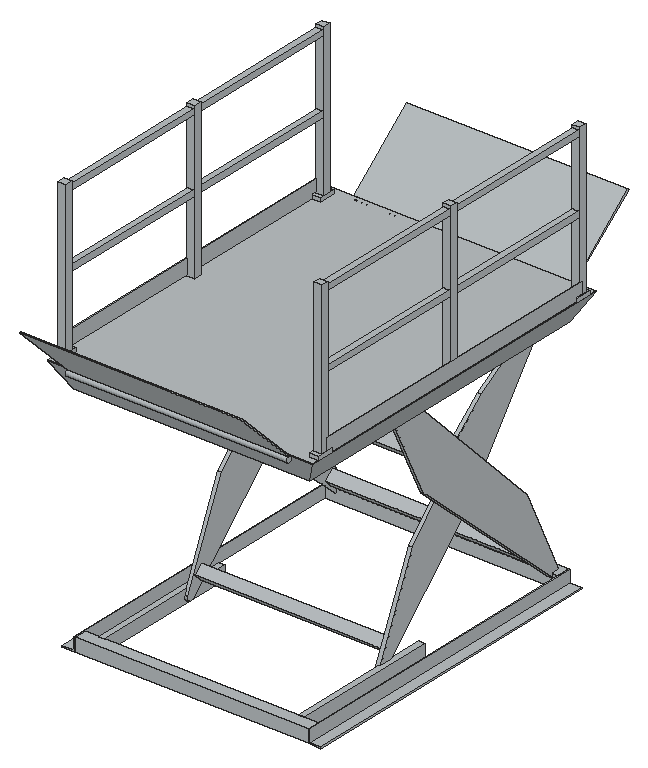
Revit family "DockEquipment_Lift_Pentalift_HED-HighCapacity", category Specialty Equipment, Revit 2026
Family settings
  Round Connector Dimension = Use Diameter
  Part Type = Normal
  Work Plane-Based = Yes
  Enable Cutting in Views = No
  Always vertical = No
  Cut with Voids When Loaded = No
  Maintain Annotation Orientation = No
  Shared = No
  Room Calculation Point = No
Parameters
  offset [instance] = 0' - 0"
  Warranty Duration (Years) = 0
  Unit Width = 6' - 0"
  Unit Length = 8' - 0"
  Unit Height = 3' - 6"
  URL = "http://www.pentalift.com/index.php"
  Support Angle [instance] = asin((Platform Height - 0' 6 3/4") / 7' 0 97/128")  # 49.2919°
  Specification = ""
  SpecWizard = ""
  Send Message = "http://www.arcat.com/users.pl?action=UserEmail&company=Pentalift Equipment Corp.&coid=34752&rep=119&fax=519-763-2894&mf="
  Sales Information = "http://www.pentalift.com/about-us.htm"
  Revision = "R1_01-2012"
  Product Properties = ""
  Product Data = "http://www.arcat.com/arcatcos/cos34/arc34752.html"
  Platform Height [instance] = 5' - 11"
  Model = "As Specified"
  Material [instance] = Metal - Steel - Pentalift - Painted - Gray
  Manufacturer Website = "http://www.pentalift.com/index.php"
  Manufacturer Phone - Toll Free = ""
  Manufacturer Phone = "519-763-3625 "
  Manufacturer Fax = "519-763-2894"
  Manufacturer Address = "21 Nicholas Beaver Rd. Guelph, ON, Canada N1H 6H9 "
  Manufacturer = "Pentalift Equipment Corp."
  Maintenance Schedule (Months) = 0
  Lip Length [instance] = 2' - 0"
  Lip Angle - Back [instance] = 39.00°
  Lip Angle - Front [instance] = 45.00°
  Keynote = "11160"
  Installation-Fabrication = ""
  Installation Phase = ""
  Green Building-LEED = ""
  Expected Lifespan (Years) = 0
  Drawn By = "Sumex Design, Inc. / Robert S. Weygant, CSI, CDT, SCIP"
  Description = "Pentalift Dock Equipment as Specified"
  Default Elevation = 4' - 0"
  Copyright = "©Arcat Inc."
  Construction Details = "http://www.arcat.com/details/pentalif/pentalif.html?coid=34752"
  Capacity (Weight) = 0.00 kip
  Assembly Code = "E1030300"
Reference planes (in)
  plane 1 "Center (Front/Back)": y = 0
  plane 2 "Bottom": z = 0
  plane 3 "Center (Left/Right)": x = 0
  plane 4 "Front": y = -48
  plane 5 "Back": y = 48
  plane 6 "Left": x = -36
  plane 7 "Right": x = 36
  plane 8 "Top": z = 71
  plane 9: x = -35.25
  plane 10: x = 35.25
  plane 11: y = 44.25
  plane 12: y = -44.25
  plane 13: z = 1.75
  plane 14: y = 42.5
  plane 15: z = 66
Forms (in)
  Extrusion 1, solid, material "Metal - Steel - Pentalift - Painted - Gray" <- "Material"
    sketch origin (-38.56132, 44.25, 48) x (-1, 0, 0) y (0, 0, 1)
      loop
        line (-3.31132, -48) -> (-3.31132, -47.75) -> (-6.56132, -47.75) -> (-6.56132, -44.5) -> (-6.81132, -44.5) -> (-6.81132, -48) -> (-3.31132, -48)
      loop
        line (-73.81132, -48) -> (-70.31132, -48) -> (-70.31132, -44.5) -> (-70.56132, -44.5) -> (-70.56132, -47.75) -> (-73.81132, -47.75) -> (-73.81132, -48)
    from 0 to -88.5
  Extrusion 2, solid, material "Metal - Steel - Pentalift - Painted - Gray" <- "Material"
    sketch origin (-35.25, 55.3623, 48) x (0, 1, 0) y (0, 0, 1)
      loop
        line (-11.1123, -44.5) -> (-14.6123, -44.5) -> (-14.6123, -48) -> (-11.1123, -48) -> (-11.1123, -44.5)
      loop
        line (-99.6123, -44.5) -> (-99.6123, -48) -> (-96.1123, -48) -> (-96.1123, -44.5) -> (-99.6123, -44.5)
    from 3.5 to 67
  Extrusion 3, solid, material "Metal - Steel - Pentalift - Painted - Gray" <- "Material"
    sketch origin (0, 42.5, 1.75) x (0, -0.652205, 0.758042) y (0, -0.758042, -0.652205)
      loop
        line (25.14307, -8.11234) -> (85.04541, -4.31323)
        arc (85.04541, -4.31323) -> (87.58399, -1.61618) -> (85.25721, 1.26559) r 2.81759
        line (85.25721, 1.26559) -> (59.46891, 8.10539) -> (8.77413, 1.87161) -> (-0.26522, 0.76007)
        arc (-0.26522, 0.76007) -> (-1.08838, -0.09154) -> (-0.4278, -1.07463) r 0.94178
        line (-0.4278, -1.07463) -> (25.14307, -8.11234)
    from -29.75 to -28.75
  Extrusion 4, solid, material "Metal - Steel - Pentalift - Painted - Gray" <- "Material"
    sketch origin (0, 42.5, 66) x (0, -0.652205, -0.758042) y (0, 0.758042, -0.652205)
      loop
        line (46.38268, 4.47165) -> (-0.07315, 0.97061)
        arc (-0.07315, 0.97061) -> (-0.96612, 0.11853) -> (-0.3056, -0.92414) r 0.97336
        line (-0.3056, -0.92414) -> (22.72851, -8.54118) -> (34.12784, -10.40645) -> (41.12417, -10.85017) -> (43.37423, -8.31484)
        arc (43.37423, -8.31484) -> (43.92473, -7.9236) -> (44.59107, -7.81352) r 1.5
        line (44.59107, -7.81352) -> (58.44141, -8.69193) -> (85.03566, -0.96024)
        arc (85.03566, -0.96024) -> (85.75185, 0.09626) -> (84.84649, 0.99594) r 1
        line (84.84649, 0.99594) -> (76.05203, 1.79064) -> (46.38268, 4.47165)
    from -26.375 to -25.375
  Extrusion 5, solid, material "Metal - Steel - Pentalift - Painted - Gray" <- "Material"
    sketch origin (0, 42.5, 66) x (0, -0.652205, -0.758042) y (0, 0.758042, -0.652205)
      loop
        line (46.38268, 4.47165) -> (-0.07315, 0.97061)
        arc (-0.07315, 0.97061) -> (-0.96612, 0.11853) -> (-0.3056, -0.92414) r 0.97336
        line (-0.3056, -0.92414) -> (22.72851, -8.54118) -> (34.12784, -10.40645) -> (41.12417, -10.85017) -> (43.37423, -8.31484)
        arc (43.37423, -8.31484) -> (43.92473, -7.9236) -> (44.59107, -7.81352) r 1.5
        line (44.59107, -7.81352) -> (58.44141, -8.69193) -> (85.03566, -0.96024)
        arc (85.03566, -0.96024) -> (85.75185, 0.09626) -> (84.84649, 0.99594) r 1
        line (84.84649, 0.99594) -> (46.38268, 4.47165)
    from 25.375 to 26.375
  Extrusion 6, solid, material "Metal - Steel - Pentalift - Painted - Gray" <- "Material"
    sketch origin (0, 42.5, 1.75) x (0, -0.652205, 0.758042) y (0, -0.758042, -0.652205)
      loop
        line (25.14307, -8.11234) -> (85.04541, -4.31323)
        arc (85.04541, -4.31323) -> (87.58399, -1.61618) -> (85.25721, 1.26559) r 2.81759
        line (85.25721, 1.26559) -> (59.50724, 8.09522) -> (59.25731, 8.07937) -> (-0.26522, 0.76007)
        arc (-0.26522, 0.76007) -> (-1.08838, -0.09154) -> (-0.4278, -1.07463) r 0.94178
        line (-0.4278, -1.07463) -> (25.14307, -8.11234)
    from 28.75 to 29.75
  Extrusion 7, solid, material "Metal - Steel - Pentalift - Painted - Gray" <- "Material"
    sketch origin (0, 43.25, 66) x (0, -0.652205, -0.758042) y (0, 0.758042, -0.652205)
      loop
        line (35.05363, -3.41125) -> (34.80046, -7.40323) -> (40.78842, -7.78299) -> (41.0416, -3.79101) -> (35.05363, -3.41125)
    from -25.375 to 25.375
  Extrusion 8, solid, material "Metal - Steel - Pentalift - Painted - Gray" <- "Material"
    sketch origin (0, 45, 1.75) x (0, -0.652205, 0.758042) y (0, -0.758042, -0.652205)
      loop
        line (6.20304, 2.64511) -> (6.20304, -0.34648) -> (9.20304, -0.34648) -> (9.20304, 2.64511) -> (6.20304, 2.64511)
    from -28.75 to 28.75
  Extrusion 9, solid, material "Metal - Steel - Pentalift - Painted - Gray" <- "Material"
    sketch origin (0, 43.25, 66) x (0, -0.652205, -0.758042) y (0, 0.758042, -0.652205)
      loop
        line (78.06189, 0.54754) -> (77.87201, -2.44644) -> (80.86599, -2.63633) -> (81.05587, 0.35766) -> (78.06189, 0.54754)
    from -25.375 to 25.375
  Extrusion 10, solid, material "Metal - Steel - Pentalift - Painted - Gray" <- "Material"
    sketch origin (-38.56132, -44.25, 48) x (-1, 0, 0) y (0, 0, 1)
      loop
        line (-12.18632, -44.5) -> (-12.18632, -48) -> (-10.68632, -48) -> (-10.68632, -44.5) -> (-12.18632, -44.5)
      loop
        line (-64.93632, -44.5) -> (-66.43632, -44.5) -> (-66.43632, -48) -> (-64.93632, -48) -> (-64.93632, -44.5)
    from 3.5 to 44.25
Lines and regions (in)
  reference lines
    curve 1: line (0, 42.5, 66) -> (0, -17.5029, -3.73988)
    curve 2: line (0, 42.5, 1.75) -> (0, -24.02496, 79.07031)
Dimensions and locks (in)
  equal spacing: plane 6 "Left", plane 3 "Center (Left/Right)", plane 7 "Right"
  "Unit Width": plane 6 "Left" to plane 7 "Right"
  equal spacing: plane 5 "Back", plane 1 "Center (Front/Back)", plane 4 "Front"
  "Unit Length": plane 5 "Back" to plane 4 "Front"
  "Platform Height": plane 8 "Top" to level
  locked: plane 10 to plane 7 "Right" at 0.75
  locked: plane 6 "Left" to plane 9 at 0.75
  locked: plane 12 to plane 4 "Front" at 3.75
  locked: plane 5 "Back" to plane 11 at 3.75
  locked: Extrusion 2 to plane 10 at 3.5
  locked: plane 13 to level at 1.75
  locked: plane 11 to plane 14 at 1.75
  locked: plane 8 "Top" to plane 15 at 5
  Extrusion 4 to Extrusion 4 to Extrusion 3 to Extrusion 3 to plane 9 = 0' - 1" locked, 0' - 2 3/8" locked, 0' - 1" locked, 0' - 5 1/2" locked
  Extrusion 5 to Extrusion 5 to Extrusion 6 to Extrusion 6 to plane 10 = 0' - 1" locked, 0' - 2 3/8" locked, 0' - 1" locked, 0' - 5 1/2" locked
  locked: plane 10 to Extrusion 7 at 9.875
  locked: plane 9 to Extrusion 7 at 9.875
  locked: plane 9 to Extrusion 8 at 6.5
  locked: plane 10 to Extrusion 8 at 6.5
  locked: plane 10 to Extrusion 9 at 9.875
  locked: plane 9 to Extrusion 9 at 9.875
  "Support Angle": angle curve 1 to plane 15
  "Support Angle": angle plane 13 to curve 2
  aligned and locked: Extrusion 1 to plane 12
  aligned and locked: plane 1 "Center (Front/Back)" to nested 1
  aligned and locked: nested 1 to plane 3 "Center (Left/Right)"
  aligned and locked: Extrusion 10 to plane 1 "Center (Front/Back)"
Automatic sketch dimensions
  Extrusion 1 sketch curve to level = 0' - 0"  (x2)
  Extrusion 1 sketch curve to plane 10 = 0' - 0"
  Extrusion 1 sketch curve to plane 9 = 0' - 0"
  plane 10 to Extrusion 1 sketch curve = 0' - 3 1/4"
  Extrusion 1 sketch curve to Extrusion 1 sketch curve = 0' - 0 1/4"  (x3)
  plane 9 to Extrusion 1 sketch curve = 0' - 3 1/2"
  level to Extrusion 1 sketch curve = 0' - 0 1/4"
  plane 13 to Extrusion 1 sketch curve = 0' - 1 3/4"  (x2)
  Extrusion 2 sketch curve to level = 0' - 0"  (x2)
  Extrusion 2 sketch curve to plane 12 = 0' - 0"
  Extrusion 2 sketch curve to plane 11 = 0' - 0"
  plane 12 to Extrusion 2 sketch curve = 0' - 3 1/2"
  plane 14 to Extrusion 2 sketch curve = 0' - 1 3/4"
  plane 13 to Extrusion 2 sketch curve = 0' - 1 3/4"  (x2)
  curve 2 to Extrusion 3 sketch curve = 0' - 1.50928"
  Extrusion 3 sketch curve to curve 2 = 0' - 0.4278"
  Extrusion 3 sketch curve to curve 2 = 0' - 0.26522"
  Extrusion 3 sketch curve to curve 2 = 0' - 0.15028"
  Extrusion 3 sketch curve to curve 2 = 0' - 1.87161"
  curve 2 to Extrusion 3 sketch curve = 0' - 8.77413"
  curve 2 to Extrusion 3 sketch curve = 0' - 8.11234"
  Extrusion 3 sketch curve to Extrusion 3 sketch curve = 1' - 4.36894"
  Extrusion 3 sketch curve to curve 2 = 0' - 8.10539"
  Extrusion 3 sketch curve to curve 2 = 3' - 6.53109"
  Extrusion 3 sketch curve to Extrusion 3 sketch curve = 2' - 1.29952"
  curve 2 to Extrusion 3 sketch curve = 0' - 4.31323"
  Extrusion 3 sketch curve to Extrusion 3 sketch curve = 0' - 0.27698"
  Extrusion 3 sketch curve to curve 2 = 0' - 1.26559"
  Extrusion 3 sketch curve to curve 2 = 0' - 1.07463"
  Extrusion 3 sketch curve to curve 2 = 0' - 0.17467"
  Extrusion 4 sketch curve to curve 1 = 0' - 0"  (x3)
  Extrusion 4 sketch curve to curve 1 = 0' - 0.07315"
  Extrusion 4 sketch curve to curve 1 = 0' - 0.3056"
  curve 1 to Extrusion 4 sketch curve = 1' - 10.72851"
  curve 1 to Extrusion 4 sketch curve = 0' - 10.40645"
  Extrusion 4 sketch curve to Extrusion 4 sketch curve = 0' - 11.39933"
  Extrusion 4 sketch curve to curve 1 = 0' - 4.47165"
  Extrusion 4 sketch curve to Extrusion 4 sketch curve = 1' - 0.25484"
  curve 1 to Extrusion 4 sketch curve = 0' - 10.85017"
  Extrusion 4 sketch curve to Extrusion 4 sketch curve = 0' - 5.25851"
  Extrusion 4 sketch curve to Extrusion 4 sketch curve = 0' - 2.25007"
  Extrusion 4 sketch curve to Extrusion 4 sketch curve = 0' - 1.1219"
  curve 1 to Extrusion 4 sketch curve = 0' - 7.81352"
  Extrusion 4 sketch curve to Extrusion 4 sketch curve = 0' - 1.21684"
  curve 1 to Extrusion 4 sketch curve = 0' - 8.69193"
  Extrusion 4 sketch curve to Extrusion 4 sketch curve = 1' - 1.85034"
  Extrusion 4 sketch curve to curve 1 = 0' - 1.79064"
  Extrusion 4 sketch curve to Extrusion 4 sketch curve = 1' - 5.61062"
  Extrusion 4 sketch curve to curve 1 = 0' - 7.24351"
  Extrusion 4 sketch curve to curve 1 = 0' - 0.99594"
  Extrusion 4 sketch curve to Extrusion 4 sketch curve = 0' - 0.09"
  Extrusion 4 sketch curve to Extrusion 4 sketch curve = 0' - 0"
  curve 1 to Extrusion 4 sketch curve = 0' - 0.96024"
  Extrusion 4 sketch curve to Extrusion 4 sketch curve = 0' - 1.49699"
  curve 1 to Extrusion 4 sketch curve = 0' - 8.54118"
  Extrusion 4 sketch curve to curve 1 = 0' - 0.92414"
  Extrusion 5 sketch curve to curve 1 = 0' - 0"  (x3)
  Extrusion 5 sketch curve to curve 1 = 0' - 0.07315"
  Extrusion 5 sketch curve to curve 1 = 0' - 0.3056"
  curve 1 to Extrusion 5 sketch curve = 1' - 10.72851"
  curve 1 to Extrusion 5 sketch curve = 0' - 10.40645"
  Extrusion 5 sketch curve to Extrusion 5 sketch curve = 0' - 11.39933"
  curve 1 to Extrusion 5 sketch curve = 0' - 10.85017"
  Extrusion 5 sketch curve to Extrusion 5 sketch curve = 0' - 5.25851"
  Extrusion 5 sketch curve to Extrusion 5 sketch curve = 0' - 2.25007"
  Extrusion 5 sketch curve to Extrusion 5 sketch curve = 0' - 1.1219"
  curve 1 to Extrusion 5 sketch curve = 0' - 7.81352"
  Extrusion 5 sketch curve to Extrusion 5 sketch curve = 0' - 1.21684"
  curve 1 to Extrusion 5 sketch curve = 0' - 8.69193"
  Extrusion 5 sketch curve to Extrusion 5 sketch curve = 1' - 1.85034"
  Extrusion 5 sketch curve to curve 1 = 0' - 7.24351"
  Extrusion 5 sketch curve to curve 1 = 0' - 0.99594"
  Extrusion 5 sketch curve to Extrusion 5 sketch curve = 0' - 0.09"
  curve 1 to Extrusion 5 sketch curve = 0' - 0.96024"
  Extrusion 5 sketch curve to Extrusion 5 sketch curve = 0' - 1.49699"
  curve 1 to Extrusion 5 sketch curve = 0' - 8.54118"
  Extrusion 5 sketch curve to curve 1 = 0' - 0.92414"
  curve 1 to Extrusion 7 sketch curve = 0' - 6.83469"
  curve 1 to Extrusion 7 sketch curve = 2' - 10.3113"
  curve 1 to Extrusion 7 sketch curve = 0' - 2.84271"
  Extrusion 7 sketch curve to Extrusion 7 sketch curve = 0' - 0.25318"
  curve 1 to Extrusion 7 sketch curve = 0' - 7.21446"
  curve 2 to Extrusion 8 sketch curve = 0' - 2.24159"
  curve 2 to Extrusion 8 sketch curve = 0' - 4.57253"
  Extrusion 8 sketch curve to curve 2 = 0' - 0 3/4"
  Extrusion 8 sketch curve to Extrusion 8 sketch curve = 0' - 3"
  curve 1 to Extrusion 9 sketch curve = 0' - 1.87791"
  Extrusion 9 sketch curve to curve 1 = 1' - 2.61715"
  Extrusion 9 sketch curve to curve 1 = 0' - 1.11607"
  Extrusion 9 sketch curve to Extrusion 9 sketch curve = 0' - 0.18988"
  curve 1 to Extrusion 9 sketch curve = 0' - 2.0678"
  Extrusion 10 sketch curve to level = 0' - 0"  (x2)
  plane 13 to Extrusion 10 sketch curve = 0' - 1 3/4"  (x2)
  plane 10 to Extrusion 10 sketch curve = 0' - 7 3/8"
  Extrusion 10 sketch curve to Extrusion 10 sketch curve = 0' - 1 1/2"  (x2)
  plane 9 to Extrusion 10 sketch curve = 0' - 8 7/8"
  curve 2 to plane 13 = 0' - 0"
  curve 2 to plane 14 = 0' - 0"
  curve 1 to plane 14 = 0' - 0"
  curve 1 to plane 15 = 0' - 0"
  Extrusion 6 sketch curve to curve 2 = 0' - 0.4278"
  Extrusion 6 sketch curve to curve 2 = 0' - 0.26522"
  Extrusion 6 sketch curve to curve 2 = 0' - 0.15028"
  curve 2 to Extrusion 6 sketch curve = 0' - 8.11234"
  curve 2 to Extrusion 6 sketch curve = 2' - 1.14307"
  Extrusion 6 sketch curve to curve 2 = 0' - 8.07937"
  Extrusion 6 sketch curve to Extrusion 6 sketch curve = 2' - 10.11424"
  Extrusion 6 sketch curve to curve 2 = 0' - 8.09522"
  Extrusion 6 sketch curve to Extrusion 6 sketch curve = 0' - 0.24994"
  curve 2 to Extrusion 6 sketch curve = 0' - 1.50928"
  Extrusion 6 sketch curve to curve 2 = 1' - 5.23157"
  Extrusion 6 sketch curve to Extrusion 6 sketch curve = 0' - 0.27698"
  Extrusion 6 sketch curve to curve 2 = 0' - 1.26559"
  Extrusion 6 sketch curve to Extrusion 6 sketch curve = 0' - 0.48878"
  Extrusion 6 sketch curve to curve 2 = 0' - 1.07463"
  Extrusion 6 sketch curve to curve 2 = 0' - 0.17467"
  Extrusion 5 sketch curve to Extrusion 5 sketch curve = 0' - 6.99632"
  Extrusion 5 sketch curve to curve 1 = 0' - 4.47165"
Nested families (in)
  nested 1: "Platform_LiftHeavy" at (0, 0, 71), Material <- "Material", Unit Width <- "Unit Width", Unit Length <- "Unit Length", Lip Length <- "Lip Length", Lip Angle - Front <- "Lip Angle - Front", Lip Angle - Back <- "Lip Angle - Back", type "Platform_LiftHeavy"
    with offset 0' - 0", ll 1' - 11 5/16", Unit Width 6' - 0", Unit Length 8' - 0", Unit Height 3' - 6", Material Metal - Steel - Pentalift - Painted - Gray, Lip Length 2' - 0", Lip Angle - Front 45.00°, Lip Angle - Back 39.00°
Definition of nested family "Platform_LiftHeavy"
  Parameters
    offset [instance] = 0' - 0"
    ll [instance] = Lip Length - 0' 0 11/16"  # 2' - 11 5/16"
    Warranty Duration (Years) = 0
    Unit Width [instance] = 6' - 0"
    Unit Length [instance] = 8' - 0"
    Unit Height [instance] = 3' - 6"
    URL = "http://www.pentalift.com/index.php"
    Specification = ""
    SpecWizard = ""
    Send Message = "http://www.arcat.com/users.pl?action=UserEmail&company=Pentalift Equipment Corp.&coid=34752&rep=119&fax=519-763-2894&mf="
    Sales Information = "http://www.pentalift.com/about-us.htm"
    Revision = "R1_01-2012"
    Product Properties = ""
    Product Data = "http://www.arcat.com/arcatcos/cos34/arc34752.html"
    Model = "As Specified"
    Material [instance] = none
    Manufacturer Website = "http://www.pentalift.com/index.php"
    Manufacturer Phone - Toll Free = ""
    Manufacturer Phone = "519-763-3625 "
    Manufacturer Fax = "519-763-2894"
    Manufacturer Address = "21 Nicholas Beaver Rd. Guelph, ON, Canada N1H 6H9 "
    Manufacturer = "Pentalift Equipment Corp."
    Maintenance Schedule (Months) = 0
    Lip Length [instance] = 3' - 0"
    Lip Angle - Back [instance] = 39.00°
    Lip Angle - Front [instance] = 45.00°
    Keynote = "11160"
    Installation-Fabrication = ""
    Installation Phase = ""
    Green Building-LEED = ""
    Expected Lifespan (Years) = 0
    Drawn By = "Sumex Design, Inc. / Robert S. Weygant, CSI, CDT, SCIP"
    Description = "Pentalift Dock Equipment as Specified"
    Default Elevation = 4' - 0"
    Copyright = "©Arcat Inc."
    Construction Details = "http://www.arcat.com/details/pentalif/pentalif.html?coid=34752"
    Assembly Code = "E1030300"
  Reference planes (in)
    plane 1 "Center (Front/Back)": y = 0
    plane 2 "Bottom": z = 0
    plane 3 "Center (Left/Right)": x = 0
    plane 4 "Front": y = -48
    plane 5 "Back": y = 48
    plane 6 "Left": x = -36
    plane 7 "Right": x = 36
    plane 8 "Top": z = 42
    plane 9: z = -7.2186
    plane 10: x = -34.75
    plane 11: x = 34.75
    plane 12: y = -43.75
    plane 13: y = 43.75
    plane 14: y = -48.6875
    plane 15: z = -0.6875
    plane 16: y = 48.6875
  Forms (in)
    Extrusion 1, solid, material <- "Material"
      sketch origin (0, 0, 0) x (1, 0, 0) y (0, 1, 0)
        loop
          line (-36, 48) -> (-36, -48) -> (36, -48) -> (36, 48) -> (-36, 48)
      from 0 to -0.25
    Sweep 2, solid, material <- "Material"
      path origin (0, 0, 0) x (1, 0, 0) y (0, 1, 0)
        loop
          line (-36, 48) -> (-36, -48) -> (36, -48) -> (36, 48) -> (-36, 48)
      profile origin (0, 48, 0) x (0, 1, 0) y (0, 0, 1)
        loop
          line (-3.9483, -7.2186) -> (0, -0.25) -> (-0.28734, -0.25) -> (-4.16581, -7.09536) -> (-3.9483, -7.2186)
    Extrusion 3, solid, material <- "Material"
      sketch origin (-34.75, 55.3623, 48) x (0, 1, 0) y (0, 0, 1)
        loop
          line (-14.1123, -47.75) -> (-14.1123, -46.75) -> (-12.1123, -46.75) -> (-12.1123, -43.75) -> (-98.6123, -43.75) -> (-98.6123, -46.75) -> (-96.6123, -46.75) -> (-96.6123, -47.75) -> (-14.1123, -47.75)
      from -1 to -1.25
    Extrusion 4, solid, material <- "Material"
      sketch origin (0, 0, 0) x (1, 0, 0) y (0, 1, 0)
        loop
          line (-36, 46) -> (-36, 41.5) -> (-33.5, 41.5) -> (-33.5, 46) -> (-36, 46)
        loop
          line (-36, -46) -> (-33.5, -46) -> (-33.5, -41.5) -> (-36, -41.5) -> (-36, -46)
        loop
          line (36, 46) -> (33.5, 46) -> (33.5, 41.5) -> (36, 41.5) -> (36, 46)
        loop
          line (36, -46) -> (36, -41.5) -> (33.5, -41.5) -> (33.5, -46) -> (36, -46)
      from 0 to 1
    Extrusion 5, solid, material <- "Material"
      sketch origin (0, 0, 0) x (1, 0, 0) y (0, 1, 0)
        loop
          line (-35.75, 44.75) -> (-35.75, 42.75) -> (-33.75, 42.75) -> (-33.75, 44.75) -> (-35.75, 44.75)
        loop
          line (35.75, 44.75) -> (33.75, 44.75) -> (33.75, 42.75) -> (35.75, 42.75) -> (35.75, 44.75)
        loop
          line (-35.75, -44.75) -> (-33.75, -44.75) -> (-33.75, -42.75) -> (-35.75, -42.75) -> (-35.75, -44.75)
        loop
          line (35.75, -44.75) -> (35.75, -42.75) -> (33.75, -42.75) -> (33.75, -44.75) -> (35.75, -44.75)
        loop
          line (-35.75, 1) -> (-35.75, -1) -> (-33.75, -1) -> (-33.75, 1) -> (-35.75, 1)
        loop
          line (35.75, 1) -> (33.75, 1) -> (33.75, -1) -> (35.75, -1) -> (35.75, 1)
      from 0 to 42
    Extrusion 6, solid, material <- "Material"
      sketch origin (34.75, -56.16774, 48) x (0, -1, 0) y (0, 0, 1)
        loop
          line (-97.41774, -47.75) -> (-14.91774, -47.75) -> (-14.91774, -46.75) -> (-12.91774, -46.75) -> (-12.91774, -43.75) -> (-99.41774, -43.75) -> (-99.41774, -46.75) -> (-97.41774, -46.75) -> (-97.41774, -47.75)
      from -1 to -1.25
    Extrusion 7, solid, material <- "Material"
      sketch origin (33.75, -43.75, 48) x (-1, 0, 0) y (0, 0, 1)
        loop
          line (69.3125, -6.75) -> (67.6875, -6.75) -> (67.6875, -8.375) -> (69.3125, -8.375) -> (69.3125, -6.75)
        loop
          line (69.3125, -26.5) -> (67.6875, -26.5) -> (67.6875, -28.125) -> (69.3125, -28.125) -> (69.3125, -26.5)
        loop
          line (-1.8125, -6.75) -> (-1.8125, -8.375) -> (-0.1875, -8.375) -> (-0.1875, -6.75) -> (-1.8125, -6.75)
        loop
          line (-1.8125, -26.5) -> (-1.8125, -28.125) -> (-0.1875, -28.125) -> (-0.1875, -26.5) -> (-1.8125, -26.5)
      from 0 to 87.5
    Extrusion 8, solid, material <- "Material"
      sketch origin (-34.75, -48.6875, -0.6875) x (0, -0.707107, 0.707107) y (0, -0.707107, -0.707107)
        loop
          arc (0.53033, -0.4375) -> (-0.29315, 0.62187) -> (0, -0.6875) r 0.6875
          line (0, -0.6875) -> (35.3125, -0.6875) -> (35.3125, -0.4375) -> (0.53033, -0.4375)
      from 4.75 to 64.75
    Extrusion 9, solid, material <- "Material"
      sketch origin (0, 48.6875, -0.6875) x (0, 0.777146, 0.62932) y (0, -0.62932, 0.777146)
        loop
          line (0.53033, 0.4375) -> (35.3125, 0.4375) -> (35.3125, 0.6875) -> (0, 0.6875)
          arc (0, 0.6875) -> (-0.29315, -0.62187) -> (0.53033, 0.4375) r 0.6875
      from -30 to 30
  Cuts and joins
    joined: Extrusion 1, Sweep 2
    joined: Extrusion 4, Extrusion 5, Extrusion 7
  Lines and regions (in)
    reference lines
      curve 1: line (-34.75, -48.6875, -0.6875) -> (-34.75, -81.92152, 32.54652)
      curve 2: line (0, 48.6875, -0.6875) -> (0, 60.92755, 9.2243)
  Dimensions and locks (in)
    equal spacing: plane 6 "Left", plane 3 "Center (Left/Right)", plane 7 "Right"
    "Unit Width": plane 6 "Left" to plane 7 "Right"
    equal spacing: plane 5 "Back", plane 1 "Center (Front/Back)", plane 4 "Front"
    "Unit Length": plane 5 "Back" to plane 4 "Front"
    "Unit Height": plane 8 "Top" to level
    locked: level to plane 9 at 7.2186
    locked: plane 11 to plane 7 "Right" at 1.25
    locked: plane 6 "Left" to plane 10 at 1.25
    locked: plane 5 "Back" to plane 13 at 4.25
    locked: plane 12 to plane 4 "Front" at 4.25
    locked: plane 4 "Front" to plane 14 at 0.6875
    locked: level to plane 15 at 0.6875
    "ll": curve 1 to Extrusion 8 sketch curve
    locked: plane 6 "Left" to Extrusion 8 at 6
    locked: Extrusion 8 to plane 7 "Right" at 6
    locked: plane 16 to plane 5 "Back" at 0.6875
    "ll": Extrusion 9 sketch curve to curve 2
    locked: Extrusion 9 to plane 7 "Right" at 6
    locked: plane 6 "Left" to Extrusion 9 at 6
    "Lip Angle - Front": angle plane 15 to curve 1
    "Lip Angle - Back": angle curve 2 to plane 15
    aligned and locked: plane 8 "Top" to Extrusion 5
    aligned and locked: plane 13 to Extrusion 7
  Automatic sketch dimensions
    Extrusion 1 sketch curve to plane 4 "Front" = 0' - 0"
    Extrusion 1 sketch curve to plane 6 "Left" = 0' - 0"
    Extrusion 1 sketch curve to plane 7 "Right" = 0' - 0"
    Extrusion 1 sketch curve to plane 5 "Back" = 0' - 0"
    Sweep 2 sketch curve to plane 4 "Front" = 0' - 0"
    Sweep 2 sketch curve to plane 6 "Left" = 0' - 0"
    Sweep 2 sketch curve to plane 7 "Right" = 0' - 0"
    Sweep 2 sketch curve to plane 5 "Back" = 0' - 0"
    Sweep 2 sketch curve to profile plane = 0' - 0"
    profile plane to Sweep 2 sketch curve = 0' - 0.28734"
    profile plane to Sweep 2 sketch curve = 0' - 3.9483"
    Sweep 2 sketch curve to Sweep 2 sketch curve = 0' - 0.21751"
    Sweep 2 sketch curve to level = 0' - 7.2186"
    plane 12 to Extrusion 3 sketch curve = 0' - 0 1/2"
    Extrusion 3 sketch curve to Extrusion 3 sketch curve = 0' - 2"
    level to Extrusion 3 sketch curve = 0' - 0 1/4"
    Extrusion 3 sketch curve to plane 13 = 0' - 2 1/2"
    Extrusion 3 sketch curve to plane 13 = 0' - 0 1/2"
    Extrusion 3 sketch curve to Extrusion 3 sketch curve = 0' - 1"  (x2)
    Extrusion 3 sketch curve to Extrusion 3 sketch curve = 0' - 3"
    Extrusion 4 sketch curve to plane 6 "Left" = 0' - 0"  (x2)
    Extrusion 4 sketch curve to plane 7 "Right" = 0' - 0"  (x2)
    plane 10 to Extrusion 4 sketch curve = 0' - 1 1/4"  (x2)
    plane 11 to Extrusion 4 sketch curve = 0' - 1 1/4"  (x2)
    plane 4 "Front" to Extrusion 4 sketch curve = 0' - 2"  (x2)
    plane 12 to Extrusion 4 sketch curve = 0' - 2 1/4"  (x2)
    Extrusion 4 sketch curve to plane 13 = 0' - 2 1/4"  (x2)
    Extrusion 4 sketch curve to plane 5 "Back" = 0' - 2"  (x2)
    plane 6 "Left" to Extrusion 5 sketch curve = 0' - 0 1/4"  (x3)
    plane 10 to Extrusion 5 sketch curve = 0' - 1"  (x3)
    plane 11 to Extrusion 5 sketch curve = 0' - 1"  (x3)
    Extrusion 5 sketch curve to plane 7 "Right" = 0' - 0 1/4"  (x3)
    Extrusion 5 sketch curve to plane 12 = 0' - 1"  (x2)
    plane 12 to Extrusion 5 sketch curve = 0' - 1"  (x2)
    plane 1 "Center (Front/Back)" to Extrusion 5 sketch curve = 0' - 1"  (x2)
    Extrusion 5 sketch curve to plane 1 "Center (Front/Back)" = 0' - 1"  (x2)
    Extrusion 5 sketch curve to plane 13 = 0' - 1"  (x2)
    plane 13 to Extrusion 5 sketch curve = 0' - 1"  (x2)
    Extrusion 6 sketch curve to plane 13 = 0' - 0 1/2"
    Extrusion 6 sketch curve to Extrusion 6 sketch curve = 0' - 2"
    level to Extrusion 6 sketch curve = 0' - 0 1/4"
    plane 12 to Extrusion 6 sketch curve = 0' - 2 1/2"
    plane 12 to Extrusion 6 sketch curve = 0' - 0 1/2"
    Extrusion 6 sketch curve to Extrusion 6 sketch curve = 0' - 1"  (x2)
    Extrusion 6 sketch curve to Extrusion 6 sketch curve = 0' - 3"
    Extrusion 7 sketch curve to plane 7 "Right" = 0' - 0 7/16"  (x2)
    plane 11 to Extrusion 7 sketch curve = 0' - 0 13/16"  (x2)
    plane 10 to Extrusion 7 sketch curve = 0' - 0 13/16"  (x2)
    plane 6 "Left" to Extrusion 7 sketch curve = 0' - 0 7/16"  (x2)
    level to Extrusion 7 sketch curve = 1' - 7 7/8"  (x2)
    Extrusion 7 sketch curve to Extrusion 7 sketch curve = 0' - 1 5/8"  (x2)
    Extrusion 7 sketch curve to plane 8 "Top" = 0' - 2 3/8"  (x2)
    Extrusion 7 sketch curve to plane 8 "Top" = 0' - 0 3/4"  (x2)
    curve 1 to plane 14 = 0' - 0"
    curve 1 to plane 15 = 0' - 0"
    Extrusion 8 sketch curve to curve 1 = 0' - 0"  (x3)
    Extrusion 8 sketch curve to curve 1 = 0' - 0 11/16"
    curve 1 to Extrusion 8 sketch curve = 0' - 0 7/16"
    curve 2 to plane 15 = 0' - 0"
    curve 2 to plane 16 = 0' - 0"
    Extrusion 9 sketch curve to curve 2 = 0' - 0"  (x3)
    curve 2 to Extrusion 9 sketch curve = 0' - 0 11/16"
    Extrusion 9 sketch curve to curve 2 = 0' - 0 7/16"
